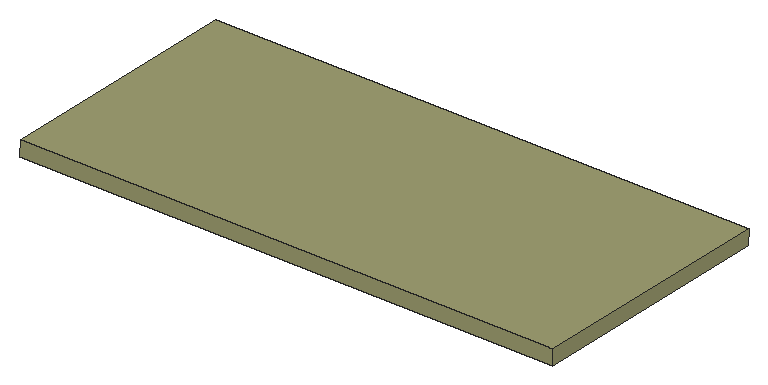
Revit family "Ecowool Classic Board (32kgm3)", category Generic Models, host Face, Revit 2020
Family settings
  Host = Face
  Can host rebar = No
  Round Connector Dimension = Use Diameter
  Part Type = Normal
  Cut with Voids When Loaded = No
  Shared = No
  Room Calculation Point = No
Parameters (values of type "EWBR 5032 (50mm)")
  Width [instance] = 800 mm
  Type of Insulation = "Glass Mineral Wool Insulation"
  Thermal R value = 1.55
  Thermal K value = 0.0327
  Remarks = ""
  Material Specification = ""
  Manufacturer = "PGF Insulation Sdn. Bhd."
  Insulation Thickness = 50 mm
  Length(mm) [instance] = 1740 mm
  Finish = Classic Board
  ECOWOOL Product thickness in mm = ""
  Description = "ECOWOOL™ CLASSIC board is specifically designed to provide superior\r\nfire resistance, acoustical and thermal insulation properties when\r\ninstalled in glass, metal or in fabricated metal pans. ECOWOOL™, the\r\nnew generation of glass mineral wool has been engineered to provide\r\nthe highest levels of thermal and acoustic performance for building\r\noccupants to achieve the level of indoor comfort deserved.\r\nMade from almost 80% recycled glass and locally sourced raw\r\nmaterials, ECOWOOL™ range of glass mineral wool is perfectly in tune\r\nwith sustainability and environmental concerns"
  Density = 32.00 kg/m³
  Default Elevation = 1219.2 mm
Types (3, lengths in mm): name | Thermal R value | Insulation Thickness | Description
  (no name) | 1.55 | 50 | "ECOWOOL™ CLASSIC board is specifically designed to provide superior\r\nfire resistance, acoustical and thermal insulation properties when\r\ninstalled in glass, metal or in fabricated metal pans. ECOWOOL™, the\r\nnew generation of glass mineral wool has been engineered to provide\r\nthe highest levels of thermal and acoustic performance for building\r\noccupants to achieve the level of indoor comfort deserved.\r\nMade from almost 80% recycled glass and locally sourced raw\r\nmaterials, ECOWOOL™ range of glass mineral wool is perfectly in tune\r\nwith sustainability and environmental concerns"
  EWBR 2532 (25mm) | 0.75 | 25 | "ECOWOOL™ CLASSIC board is specifically designed to provide superior\r\nfire resistance, acoustical and thermal insulation properties when\r\ninstalled in glass, metal or in fabricated metal pans. ECOWOOL™, the\r\nnew generation of glass mineral wool has been engineered to provide\r\nthe highest levels of thermal and acoustic performance for building\r\noccupants to achieve the level of indoor comfort deserved.\r\nMade from almost 80% recycled glass and locally sourced raw\r\nmaterials, ECOWOOL™ range of glass mineral wool is perfectly in tune\r\nwith sustainability and environmental concerns."
  EWBR 5032 (50mm) | 1.55 | 50 | "ECOWOOL™ CLASSIC board is specifically designed to provide superior\r\nfire resistance, acoustical and thermal insulation properties when\r\ninstalled in glass, metal or in fabricated metal pans. ECOWOOL™, the\r\nnew generation of glass mineral wool has been engineered to provide\r\nthe highest levels of thermal and acoustic performance for building\r\noccupants to achieve the level of indoor comfort deserved.\r\nMade from almost 80% recycled glass and locally sourced raw\r\nmaterials, ECOWOOL™ range of glass mineral wool is perfectly in tune\r\nwith sustainability and environmental concerns"
Reference planes
  plane 1 "Center (Front/Back)": y = 0
  plane 2: z = 0
  plane 3 "Center (Left/Right)": x = 0
  plane 4: x = 1740
  plane 5: y = -400
  plane 6: y = 400
Forms (mm)
  Sweep 1, solid, material "Classic Board" <- "Finish"
    path origin (0, 0, 0) x (1, 0, 0) y (0, 1, 0)
      loop
        line (0, 0) -> (1740, 0)
    profile origin (870, 0, 0) x (0, 1, 0) y (0, 0, 1)
      loop
        line (-400, 50) -> (-400, 0) -> (400, 0) -> (400, 50) -> (-400, 50)
Lines and regions (mm)
  reference lines
    curve 1: line (0, 0, 0) -> (1740, 0, 0)
Dimensions and locks
  "Width": plane 5 to plane 6
  equal spacing: plane 5, plane 1 "Center (Front/Back)", plane 6
  "Length(mm)": plane 3 "Center (Left/Right)" to plane 4
  "Insulation Thickness": host face to Sweep 1 sketch curve
  aligned and locked: plane 2 to host face
  aligned and locked: level to host face
  aligned and locked: plane 3 "Center (Left/Right)" to curve 1
  aligned and locked: plane 4 to curve 1
  aligned and locked: plane 3 "Center (Left/Right)" to Sweep 1 sketch curve
  aligned and locked: plane 4 to Sweep 1 sketch curve
  aligned and locked: level to Sweep 1 sketch curve
  aligned and locked: plane 6 to Sweep 1 sketch curve
  aligned and locked: Sweep 1 sketch curve to plane 5
Automatic sketch dimensions
  host sketch curve to host sketch curve = 1616.306 mm
  host sketch curve to host sketch curve = 2438.4 mm
  plane 1 "Center (Front/Back)" to curve 1 = 0 mm
  plane 1 "Center (Front/Back)" to Sweep 1 sketch curve = 0 mm
